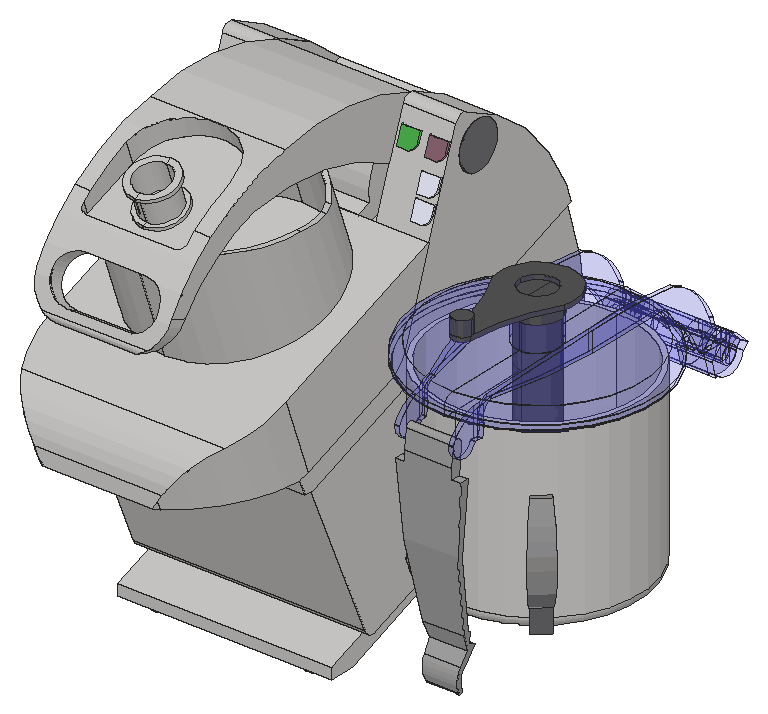
Revit family "QF_ELECTROLUXPROFESSIONAL_600484_TRK45YA", category Specialty Equipment, Revit 2018
Family settings
  Round Connector Dimension = Use Diameter
  Part Type = Normal
  Work Plane-Based = No
  Always vertical = Yes
  Cut with Voids When Loaded = No
  Shared = No
  Room Calculation Point = No
Parameters (values of type "QF_ELECTROLUX_600484_TRK45YA")
  Weight = 27.40 kg
  Watts = 0 W
  Volts = 200 V
  URL Manufacturer = "http://professional.electrolux.com"
  URL = "http://professional.electrolux.com"
  Steam Supply Size = 0 mm
  Steam Supply Minimum Pressure = 0.0 Pa
  Steam Supply Maximum Pressure = 0.0 Pa
  Steam Pounds per Hour = 0
  Refrigeration Suction Line Size = 0 mm
  Refrigeration Liquid Line Size = 0 mm
  Refrigerant Compressor Remote = yes
  Manufacturer = "Electrolux"
  Phase = 1
  Model = "TRK45YA"
  Length Actual = 252 mm  # constant formula
  Item Number = "600484"
  Hot Water Size = 0 mm
  Height Actual = 505 mm  # constant formula
  HP = "1.3 HP"
  Gas Size = 0 mm
  Gas KW = 0
  Gas Input Pressure = 0 W
  Direct Waste Size = 0 mm
  Description = "CUTTER/SLICER 4.5L VARIAB.SPEED-1000W-200-240/1/50-60-AUSTRALIA"
  Depth Actual = 485 mm  # constant formula
  Cycle = 60 Hz
  Condensate Return Size = 0 mm
  Compressed Air Volume = 0.0 L/s
  Compressed Air Size = 0 mm
  Compressed Air Pressure = 0.0 Pa
  Cold Water Size = 0 mm
  Accessory = yes
Reference planes
  plane 1 "Center (Front/Back)": y = 0
  plane 2: z = 0
  plane 3 "Center (Left/Right)": x = 0
  plane 4 "BASE": through (-1506.947, -1354.442, -482.669) normal (0, -0.342, 0.9397)
  plane 5 "TOP": z = 725
  plane 6 "FRONT": y = -250
  plane 7 "BACK": y = 250
  plane 8 "LEFT": x = -126
  plane 9 "RIGHT": x = 126
  plane 10 "BaseSup": through (4267.2, -355.454, 143.983) normal (0, -0.342, 0.9397)
  plane 11 "TopCylinder": z = 505
  plane 12 "panel": through (4267.2, 37.396, 376.789) normal (0, -0.9397, 0.342)
  plane 13 "TAN1": through (4267.2, -242.8, 386.84) normal (0, -0.868, 0.4965)
  plane 14 "cx": x = -4.392
  plane 15: z = 490
  plane 16: z = 685
  plane 17 "EI_1": z = 320
  plane 18: z = 224
  plane 19 "SupportOblique": through (4267.2, 163.975, 96.815) normal (0, 0.809, 0.5878)
  plane 20 "CX2": x = 350
Forms (mm)
  Extrusion 1, solid, material "QF_Finishes_Stainless Steel"
    sketch origin (0, 71.755, 29.173) x (0, 0.939693, 0.34202) y (0, -0.34202, 0.939693)
      loop
        line (196.964, 40) -> (-146.726, 40) -> (-150.519, 29.578) -> (-124.204, 20) -> (196.964, 20) -> (196.964, 40)
    from -114.1 to 114.1
  Extrusion 2, solid, material "QF_Finishes_Stainless Steel"
    sketch origin (0, 71.755, 29.173) x (0, 0.939693, 0.34202) y (0, -0.34202, 0.939693)
      loop
        arc (-117.754, 231.836) -> (-115.679, 141.222) -> (-107.501, 50.953) r 1344.145
        arc (-107.501, 50.953) -> (-103.371, 43.13) -> (-95.098, 40) r 12.5
        line (-95.098, 40) -> (191.415, 40)
        arc (191.415, 40) -> (200.799, 44.052) -> (207.001, 52.177) r 20.212
        arc (207.001, 52.177) -> (236.663, 139.796) -> (245.906, 231.836) r 409.593
        line (245.906, 231.836) -> (-117.754, 231.836)
    from -123.6 to 123.2
  Extrusion 3, solid, material "QF_Finishes_Stainless Steel"
    sketch origin (0, 71.755, 29.173) x (0, 0.939693, 0.34202) y (0, -0.34202, 0.939693)
      loop
        line (-117.754, 231.836) -> (250, 231.836) -> (250, 254)
        arc (250, 254) -> (225.127, 344.7) -> (167.861, 419.303) r 244.524
        arc (167.861, 419.303) -> (160.498, 421.774) -> (153.587, 418.23) r 10
        line (153.587, 418.23) -> (25.432, 265.5)
        arc (25.432, 265.5) -> (14.376, 257.016) -> (0.77, 254) r 32.194
        line (0.77, 254) -> (-128.224, 254) -> (-128.224, 236.946) -> (-117.754, 231.836)
    from -125 to 125
  Extrusion 4, void
    sketch origin (0, 71.755, 29.173) x (0, 0.939693, 0.34202) y (0, -0.34202, 0.939693)
      loop
        line (146.605, 338.403) -> (228.145, 338.403)
        arc (228.145, 338.403) -> (202.221, 381.996) -> (167.861, 419.303) r 244.524
        arc (167.861, 419.303) -> (160.498, 421.774) -> (153.587, 418.23) r 10
        line (153.587, 418.23) -> (72.34, 321.403) -> (146.605, 321.403) -> (146.605, 338.403)
    from -76.755 to 68.071
  Extrusion 5, solid, material "QF_Finishes_Stainless Steel"
    sketch origin (0, 71.755, 29.173) x (0, 0.939693, 0.34202) y (0, -0.34202, 0.939693)
      loop
        line (86.605, 338.403) -> (69.605, 321.403) -> (146.605, 321.403) -> (146.605, 338.403) -> (138.179, 338.403) -> (138.179, 369.367)
        arc (138.179, 369.367) -> (147.784, 373.474) -> (158.149, 372.174) r 19.987
        arc (158.149, 372.174) -> (156.791, 382.001) -> (162.888, 389.826) r 12.748
        arc (162.888, 389.826) -> (123.302, 374.774) -> (101.605, 338.403) r 64.447
        line (101.605, 338.403) -> (86.605, 338.403)
    from -65 to 50
  Extrusion 6, solid, material "QF_Finishes_Stainless Steel"
    sketch origin (539, 71.755, 29.173) x (0, -0.939693, -0.34202) y (0, -0.34202, 0.939693)
      loop
        circle (-169.102, 378.696) r 12.748
    from 489 to 604
  Extrusion 7, solid, material "QF_Finishes_Rubber Black"
    sketch origin (0, 71.755, 29.173) x (0, 0.939693, 0.34202) y (0, -0.34202, 0.939693)
      loop
        circle (169.102, 378.696) r 25
    from 125 to 126.6
  Extrusion 8, solid, material "QF_Finishes_Green"
    sketch origin (-10, -113.728, -38.42) x (0, -0.34202, -0.939693) y (1, 0, 0)
      loop
        line (-529.862, 82.865) -> (-509.862, 82.865) -> (-509.862, 92.865)
        arc (-509.862, 92.865) -> (-512.791, 99.936) -> (-519.862, 102.865) r 10
        line (-519.862, 102.865) -> (-529.862, 102.865) -> (-529.862, 82.865)
    from 0 to 1.6
  Extrusion 9, solid, material "QF_Finishes_Red"
    sketch origin (20, -113.728, -38.42) x (0, -0.34202, -0.939693) y (1, 0, 0)
      loop
        line (-529.862, 82.865) -> (-509.862, 82.865) -> (-509.862, 92.865)
        arc (-509.862, 92.865) -> (-512.791, 99.936) -> (-519.862, 102.865) r 10
        line (-519.862, 102.865) -> (-529.862, 102.865) -> (-529.862, 82.865)
    from 0 to 1.6
  Extrusion 10, solid, material "QF_Finishes_Rubber Black"
    sketch origin (-20, -293.925, 99.376) x (0, -1, 0) y (1, 0, 0)
      loop
        circle (-230.144, 103.748) r 10
      loop
        circle (-230.144, -61.252) r 10
    from 9.274 to 3.787
  Extrusion 11, void
    sketch origin (-20.94, 306.731, 139.428) x (-1, 0, 0) y (0, -0.34202, 0.939693)
      loop
        circle (-20.94, 196.093) r 10
    from -1.916 to -26.433
  Extrusion 12, solid, material "QF_Finishes_Stainless Steel"
    sketch origin (-20.94, 306.678, 139.573) x (-1, 0, 0) y (0, -0.34202, 0.939693)
      loop
        circle (-20.94, 195.939) r 9.999
    from -8.514 to -26.433
  Extrusion 13, solid, material "QF_Finishes_Stainless Steel"
    sketch origin (0, -15.119, 267.855) x (0, -0.939693, -0.34202) y (1, 0, 0)
      loop
        line (-86.605, -125) -> (117.754, -125)
        arc (117.754, -125) -> (182.577, -108.838) -> (232.224, -64.135) r 138.076
        arc (232.224, -64.135) -> (246.337, -33.516) -> (250, 0) r 104.824
        arc (250, 0) -> (246.337, 33.516) -> (232.224, 64.135) r 104.824
        arc (232.224, 64.135) -> (182.577, 108.838) -> (117.754, 125) r 138.076
        line (117.754, 125) -> (-86.605, 125) -> (-86.605, -125)
    from 0 to 84.403
  Extrusion 14, void
    sketch origin (0, 71.755, 29.173) x (0, 0.939693, 0.34202) y (0, -0.34202, 0.939693)
      loop
        line (-183.149, 338.403) -> (-263.395, 338.403) -> (-263.395, 254) -> (-128.224, 254) -> (-235.716, 293.124) -> (-229.509, 307.133)
        arc (-229.509, 307.133) -> (-211.109, 329.855) -> (-183.149, 338.403) r 50
      loop
        line (86.605, 338.403) -> (25.432, 265.5)
        arc (25.432, 265.5) -> (14.376, 257.016) -> (0.77, 254) r 32.194
        line (0.77, 254) -> (86.605, 254) -> (86.605, 338.403)
    from -156.555 to 144.79
  Extrusion 15, solid, material "QF_Finishes_Rubber Black"
    sketch origin (-20, -255.757, 37.007) x (0, -0.939693, -0.34202) y (1, 0, 0)
      loop
        circle (-230.144, 103.748) r 10
      loop
        circle (-230.144, -61.252) r 10
    from -1.968 to 3.787
  Extrusion 16, solid, material "QF_Finishes_Stainless Steel"
    sketch origin (0, 0, 0) x (0, 1, 0) y (0, 0, 1)
      loop
        arc (-237.987, 360.286) -> (-193.334, 422.101) -> (-125.907, 457.716) r 167.502
        arc (-125.907, 457.716) -> (-32.614, 457.202) -> (54.785, 424.565) r 266.494
        line (54.785, 424.565) -> (73.036, 474.711)
        arc (73.036, 474.711) -> (77.269, 479.853) -> (83.792, 481.198) r 10
        arc (83.792, 481.198) -> (1.801, 503.572) -> (-83.051, 498.734) r 263.981
        arc (-83.051, 498.734) -> (-135.605, 484.534) -> (-183.511, 458.675) r 236.13
        arc (-183.511, 458.675) -> (-222.818, 420.732) -> (-248.457, 372.49) r 174.407
        arc (-248.457, 372.49) -> (-249.83, 368.135) -> (-247.05, 364.513) r 4.945
        line (-247.05, 364.513) -> (-237.987, 360.286)
    from -76.755 to 68.071
  Extrusion 17, void
    sketch origin (0, -252.846, 369.279) x (0, -0.496521, -0.868025) y (1, 0, 0)
      loop
        line (-13.723, -36.755) -> (-13.723, 28.071)
        arc (-13.723, 28.071) -> (-38.723, 53.071) -> (-63.723, 28.071) r 25
        line (-63.723, 28.071) -> (-63.723, -36.755)
        arc (-63.723, -36.755) -> (-38.723, -61.755) -> (-13.723, -36.755) r 25
    from -148.493 to 7.125
  Extrusion 18, void
    sketch origin (0, -88.076, 32.057) x (0, -0.34202, -0.939693) y (1, 0, 0)
      loop
        line (-257.162, 68.071) -> (-297.162, 68.071)
        arc (-297.162, 68.071) -> (-268.878, 56.356) -> (-257.162, 28.071) r 40
        line (-257.162, 28.071) -> (-257.162, 68.071)
      loop
        line (-257.162, -76.755) -> (-257.162, -36.755)
        arc (-257.162, -36.755) -> (-268.878, -65.039) -> (-297.162, -76.755) r 40
        line (-297.162, -76.755) -> (-257.162, -76.755)
    from 233.374 to 280.473
  Extrusion 19, void
    sketch origin (0, -73.76, 246.511) x (0, -0.939693, -0.34202) y (1, 0, 0)
      loop
        spline (50.415, 43.499) -> (50.302, 44.538) -> (50.07, 45.551) -> (49.722, 46.523) -> (49.265, 47.436) -> (48.705, 48.278) -> (48.053, 49.034) -> (47.317, 49.692) -> (46.511, 50.241) -> (45.647, 50.674) -> (44.738, 50.981) -> (43.801, 51.16) -> (42.848, 51.221)
        line (42.848, 51.221) -> (-21.826, 51.221)
        arc (-21.826, 51.221) -> (-77.476, -4.429) -> (-21.826, -60.078) r 55.65
        line (-21.826, -60.078) -> (42.849, -60.064)
        spline (42.849, -60.064) -> (43.796, -60.017) -> (44.73, -59.836) -> (45.637, -59.525) -> (46.5, -59.088) -> (47.306, -58.532) -> (48.042, -57.867) -> (48.695, -57.103) -> (49.256, -56.253) -> (49.715, -55.331) -> (50.065, -54.351) -> (50.3, -53.329) -> (50.415, -52.283)
        line (50.415, -52.283) -> (50.415, 43.499)
    from 219.928 to 259.975
  Extrusion 20, void
    sketch origin (0, -87.856, 241.381) x (0, -0.939693, -0.34202) y (1, 0, 0)
      loop
        circle (-4.976, -4.429) r 22.5
    from 184.171 to 259.975
  Extrusion 21, solid, material "QF_Finishes_Stainless Steel"
    sketch origin (0, -57.13, 252.564) x (0, -0.939693, -0.34202) y (1, 0, 0)
      loop
        circle (-27.476, -4.429) r 100
      loop
        circle (-27.476, -4.429) r 95
    from 84.403 to 219.928
  Extrusion 22, void
    sketch origin (539, 0, 0) x (0, -1, 0) y (0, 0, 1)
      loop
        line (-7.229, 448.453) -> (38.883, 431.669) -> (53.883, 431.669) -> (97.232, 435.738) -> (172.232, 435.738) -> (200.5, 434.424) -> (12.562, 502.828) -> (-7.229, 448.453)
    from 424.9 to 664
  Revolve 23, solid, material "QF_Finishes_Stainless Steel"
    sketch origin (-4.392, 0, 0) x (0, 1, 0) y (0, 0, 1)
      loop
        line (-159.523, 452.833) -> (-177.266, 446.376) -> (-188.766, 477.973) -> (-195.199, 475.631) -> (-193.959, 472.225) -> (-189.261, 473.935) -> (-179, 445.744) -> (-183.698, 444.034) -> (-182.575, 440.948) -> (-179.543, 442.052) -> (-133.191, 314.7) -> (-112.048, 322.396) -> (-159.523, 452.833)
      axis (-112.048, 322.396) -> (-171.023, 484.431)
    angle from 0 to 360
  Extrusion 24, solid, material "QF_Door-Drawer Clearances", detail levels coarse
    sketch origin (0, -262.072, 735.095) x (0, -0.581279, -0.813704) y (0, 0.813704, -0.581279)
      loop
        arc (-237.987, 360.286) -> (-193.334, 422.101) -> (-125.907, 457.716) r 167.502
        arc (-125.907, 457.716) -> (-61.925, 460.915) -> (0.971, 448.753) r 266.494
        arc (0.971, 448.753) -> (-2.208, 475.472) -> (-2.432, 502.379) r 244.524
        arc (-2.432, 502.379) -> (-31.549, 503.211) -> (-60.594, 500.999) r 278.64
        arc (-60.594, 500.999) -> (-125.023, 488.463) -> (-183.511, 458.675) r 236.13
        arc (-183.511, 458.675) -> (-222.818, 420.732) -> (-248.457, 372.49) r 174.407
        arc (-248.457, 372.49) -> (-249.83, 368.135) -> (-247.05, 364.513) r 4.945
        line (-247.05, 364.513) -> (-237.987, 360.286)
    from -76.755 to 68.071
  Extrusion 25, solid, material "QF_Door-Drawer Clearances", detail levels coarse
    sketch origin (-4.392, 0, -55) x (0, 1, 0) y (0, 0, 1)
      loop
        arc (180.062, 780.324) -> (-149.234, 694.151) -> (-249.905, 368.994) r 350.321
        line (-249.905, 368.994) -> (-246.546, 377.767)
        arc (-246.546, 377.767) -> (-144.345, 691.9) -> (174.993, 776.44) r 345.321
        line (174.993, 776.44) -> (180.062, 780.324)
    from -60 to 60
  Extrusion 26, solid, material "QF_Finishes_Rubber Black"
    sketch origin (-20, -20.834, 122.512) x (0, -0.939693, -0.34202) y (1, 0, 0)
      loop
        circle (-230.144, 103.748) r 10
      loop
        circle (-230.144, -61.252) r 10
    from -1.968 to 3.787
  Extrusion 27, void
    sketch origin (-4.392, 0, 0) x (0, 1, 0) y (0, 0, 1)
      loop
        circle (163.975, 96.815) r 5.399
    from -121.608 to 130.392
  Sweep 28, solid, material "QF_Finishes_Stainless Steel"
    path origin (0, 153.361, 111.423) x (0, -0.587785, 0.809017) y (1, 0, 0)
      loop
        line (-133.401, 56) -> (-133.401, 112.5)
        arc (-133.401, 112.5) -> (-130.472, 119.571) -> (-123.401, 122.5) r 10
        line (-123.401, 122.5) -> (-28.058, 122.5)
        arc (-28.058, 122.5) -> (-20.987, 119.571) -> (-18.058, 112.5) r 10
        line (-18.058, 112.5) -> (-18.058, -112.5)
        arc (-18.058, -112.5) -> (-20.987, -119.571) -> (-28.058, -122.5) r 10
        line (-28.058, -122.5) -> (-123.401, -122.5)
        arc (-123.401, -122.5) -> (-130.472, -119.571) -> (-133.401, -112.5) r 10
        line (-133.401, -112.5) -> (-133.401, -56)
    profile origin (84.25, 231.772, 3.5) x (0, 0.587785, -0.809017) y (0, 0.809017, 0.587785)
      loop
        circle (0, 0) r 3.5
  Extrusion 29, void
    sketch origin (-4.392, 0, 0) x (0, 1, 0) y (0, 0, 1)
      loop
        line (50.281, 42.641) -> (71.708, 50.44) -> (64.376, 57.771) -> (50.281, 52.641) -> (50.281, 42.641)
    from -119.208 to -51.608
  Extrusion 30, void
    sketch origin (4.392, 0, 0) x (0, 1, 0) y (0, 0, -1)
      loop
        line (50.281, -42.641) -> (50.281, -52.641) -> (64.376, -57.771) -> (71.708, -50.44) -> (50.281, -42.641)
    from -119.208 to -51.608
  Extrusion 31, solid, material "QF_Door-Drawer Clearances", detail levels coarse
    sketch origin (350, -160.4, -17.118) x (0, -0.34202, -0.939693) y (0, -0.939693, 0.34202)
      loop
        line (-206.754, 118.191) -> (-331.133, -223.538)
        arc (-331.133, -223.538) -> (-241.482, -246.331) -> (-149.003, -248.426) r 409.593
        arc (-149.003, -248.426) -> (-139.246, -245.378) -> (-132.229, -237.945) r 20.212
        line (-132.229, -237.945) -> (-34.236, 31.289)
        arc (-34.236, 31.289) -> (-34.347, 40.134) -> (-40.286, 46.691) r 12.5
        arc (-40.286, 46.691) -> (-122.314, 85.249) -> (-206.754, 118.191) r 1344.145
    from -123.6 to 123.2
  Extrusion 32, solid, material "QF_Door-Drawer Clearances", detail levels coarse
    sketch origin (350, -160.4, -17.118) x (0, -0.34202, -0.939693) y (0, -0.939693, 0.34202)
      loop
        line (-134.127, -243.16) -> (-115.333, -250) -> (-5.487, 51.799) -> (-5.487, 79.803) -> (-16.578, 79.803) -> (-134.127, -243.16)
    from -114.1 to 114.1
  Extrusion 33, solid, material "QF_Door-Drawer Clearances", detail levels coarse
    sketch origin (330, -388.076, 105.131) x (0, -1, 0) y (1, 0, 0)
      loop
        circle (-230.144, 103.748) r 10
      loop
        circle (-230.144, -61.252) r 10
    from -1.968 to 3.787
  Extrusion 34, solid, material "QF_Door-Drawer Clearances", detail levels coarse
    sketch origin (330, -138.076, 105.131) x (0, -1, 0) y (1, 0, 0)
      loop
        circle (-230.144, 103.748) r 10
      loop
        circle (-230.144, -61.252) r 10
    from -1.968 to 3.787
  Extrusion 35, solid, material "QF_Door-Drawer Clearances", detail levels coarse
    sketch origin (0, 250, 0) x (-1, 0, 0) y (0, 0, 1)
      loop
        circle (-350, 200) r 10
    from -89.12 to -78.665
  Extrusion 36, solid, material "QF_Finishes_White"
    sketch origin (20, -124.661, -68.457) x (0, -0.34202, -0.939693) y (1, 0, 0)
      loop
        line (-529.862, 82.865) -> (-509.862, 82.865) -> (-509.862, 92.865)
        arc (-509.862, 92.865) -> (-512.791, 99.936) -> (-519.862, 102.865) r 10
        line (-519.862, 102.865) -> (-529.862, 102.865) -> (-529.862, 82.865)
    from 0 to 1.6
  Extrusion 37, solid, material "QF_Finishes_White"
    sketch origin (20, -132.869, -91.01) x (0, -0.34202, -0.939693) y (1, 0, 0)
      loop
        line (-529.862, 82.865) -> (-509.862, 82.865) -> (-509.862, 92.865)
        arc (-509.862, 92.865) -> (-512.791, 99.936) -> (-519.862, 102.865) r 10
        line (-519.862, 102.865) -> (-529.862, 102.865) -> (-529.862, 82.865)
    from 0 to 1.6
Cuts and joins
  Extrusion 4, Extrusion 18, Extrusion 19, Extrusion 20 cuts Extrusion 3
  Extrusion 14, Extrusion 18, Extrusion 19, Extrusion 20 cuts Extrusion 13
  Extrusion 17, Extrusion 18, Extrusion 19, Extrusion 20 cuts Extrusion 16
  Extrusion 11, Extrusion 19, Extrusion 20 cuts Extrusion 2
  Extrusion 22 cuts Extrusion 21
  Extrusion 27, Extrusion 29, Extrusion 30 cuts Extrusion 1
Lines and regions (mm)
  Split face 1
    outline origin (125, 73.036, 474.711) x (-1, 0, 0) y (0, -0.34202, -0.939693)
      loop
        arc (0, 8) -> (1.464, 4.464) -> (5, 3) r 5
        line (5, 3) -> (51.929, 3)
        arc (51.929, 3) -> (55.464, 4.464) -> (56.929, 8) r 5
        line (56.929, 8) -> (56.929, 96.206)
        arc (56.929, 96.206) -> (55.464, 99.742) -> (51.929, 101.206) r 5
        line (51.929, 101.206) -> (5, 101.206)
        arc (5, 101.206) -> (1.464, 99.742) -> (0, 96.206) r 5
        line (0, 96.206) -> (0, 8)
  symbolic lines
    curve 1: line (-76.755, 170.4, 0) -> (-76.755, -235.217, 0)
    curve 2: line (68.071, -235.135, 0) -> (68.071, 170.4, 0)
    curve 3: line (-76.755, 83.792, 0) -> (68.071, 83.792, 0)
    curve 4: line (-76.755, 170.4, 0) -> (68.071, 170.4, 0)
    curve 5: line (68.071, -83.051, 0) -> (-76.755, -83.051, 0)
    curve 6: line (-60.078, -136.967, 0) -> (51.221, -136.967, 0)
    curve 7: line (-60.078, -128.47, 0) -> (-60.078, -194.06, 0)
    curve 8: line (51.221, -193.76, 0) -> (51.221, -128.47, 0)
    curve 9: spline (-52.282, -199.891, 0) -> (-53.276, -199.815, 0) -> (-54.25, -199.647, 0) -> (-55.19, -199.39, 0) -> (-56.081, -199.046, 0) -> (-56.909, -198.622, 0) -> (-57.663, -198.124, 0) -> (-58.331, -197.559, 0) -> (-58.902, -196.936, 0) -> (-59.369, -196.264, 0) -> (-59.724, -195.553, 0) -> (-59.961, -194.815, 0) -> (-60.078, -194.06, 0)
    curve 10: line (43.499, -199.901, 0) -> (-52.283, -199.901, 0)
    curve 11: spline (51.218, -193.76, 0) -> (51.156, -194.554, 0) -> (50.964, -195.333, 0) -> (50.645, -196.085, 0) -> (50.204, -196.798, 0) -> (49.648, -197.459, 0) -> (48.986, -198.058, 0) -> (48.229, -198.586, 0) -> (47.39, -199.033, 0) -> (46.483, -199.392, 0) -> (45.521, -199.658, 0) -> (44.521, -199.826, 0) -> (43.499, -199.893, 0)
    curve 12: spline (-4.392, -146.848, 0) -> (-11.05, -147.672, 0) -> (-17.255, -150.087, 0) -> (-22.583, -153.929, 0) -> (-26.672, -158.936, 0) -> (-29.242, -164.766, 0) -> (-30.119, -171.023, 0) -> (-29.242, -177.28, 0) -> (-26.672, -183.111, 0) -> (-22.583, -188.118, 0) -> (-17.255, -191.96, 0) -> (-11.05, -194.375, 0) -> (-4.392, -195.199, 0)
    curve 13: spline (-4.392, -195.199, 0) -> (2.267, -194.375, 0) -> (8.472, -191.96, 0) -> (13.8, -188.118, 0) -> (17.888, -183.111, 0) -> (20.459, -177.28, 0) -> (21.335, -171.023, 0) -> (20.459, -164.766, 0) -> (17.888, -158.936, 0) -> (13.8, -153.929, 0) -> (8.472, -150.087, 0) -> (2.267, -147.672, 0) -> (-4.392, -146.848, 0)
    curve 14: spline (-4.392, -188.766, 0) -> (-9.279, -188.162, 0) -> (-13.832, -186.389, 0) -> (-17.743, -183.569, 0) -> (-20.744, -179.895, 0) -> (-22.63, -175.616, 0) -> (-23.273, -171.023, 0) -> (-22.63, -166.431, 0) -> (-20.744, -162.152, 0) -> (-17.743, -158.477, 0) -> (-13.832, -155.658, 0) -> (-9.279, -153.885, 0) -> (-4.392, -153.281, 0)
    curve 15: spline (-4.392, -153.281, 0) -> (0.495, -153.885, 0) -> (5.049, -155.658, 0) -> (8.96, -158.477, 0) -> (11.96, -162.152, 0) -> (13.846, -166.431, 0) -> (14.49, -171.023, 0) -> (13.846, -175.616, 0) -> (11.96, -179.895, 0) -> (8.96, -183.569, 0) -> (5.049, -186.389, 0) -> (0.495, -188.162, 0) -> (-4.392, -188.766, 0)
    curve 16: spline (-22.254, -165.273, 0) -> (-20.617, -168.597, 0) -> (-18.289, -171.534, 0) -> (-15.368, -173.96, 0) -> (-11.98, -175.77, 0) -> (-8.268, -176.888, 0) -> (-4.392, -177.266, 0) -> (-0.515, -176.888, 0) -> (3.197, -175.77, 0) -> (6.585, -173.96, 0) -> (9.505, -171.534, 0) -> (11.834, -168.597, 0) -> (13.471, -165.273, 0)
    curve 17: spline (21.106, -162.743, 0) -> (21.02, -155.749, 0) -> (18.807, -149.071, 0) -> (14.651, -143.268, 0) -> (8.902, -138.825, 0) -> (2.04, -136.115, 0) -> (-5.361, -135.365, 0) -> (-12.68, -136.637, 0) -> (-19.306, -139.824, 0) -> (-24.683, -144.661, 0) -> (-28.361, -150.742, 0) -> (-30.034, -157.558, 0) -> (-29.559, -164.538, 0)
    curve 18: spline (15.591, -154.349, 0) -> (13.851, -150.277, 0) -> (11.185, -146.674, 0) -> (7.729, -143.723, 0) -> (3.657, -141.574, 0) -> (-0.824, -140.337, 0) -> (-5.485, -140.073, 0) -> (-10.091, -140.797, 0) -> (-14.408, -142.471, 0) -> (-18.216, -145.011, 0) -> (-21.322, -148.287, 0) -> (-23.569, -152.134, 0) -> (-24.843, -156.356, 0)
    curve 19: line (-36.755, -245.358, 0) -> (-36.755, -220.255, 0)
    curve 20: line (28.071, -220.255, 0) -> (28.071, -245.358, 0)
    curve 21: line (-36.755, -220.255, 0) -> (28.071, -220.255, 0)
    curve 22: line (-36.755, -231.961, 0) -> (28.071, -231.961, 0)
    curve 23: line (28.071, -245.358, 0) -> (-36.755, -245.358, 0)
    curve 24: arc (-36.755, -231.961, 0) -> (-47.346, -230.66, 0) -> (-57.309, -226.836, 0) r 43.78
    curve 25: arc (28.071, -231.961, 0) -> (38.611, -230.648, 0) -> (48.525, -226.836, 0) r 43.78
    curve 26: line (108.532, -216.09, 0) -> (68.016, -248.959, 0)
    curve 27: spline (108.532, -216.09, 0) -> (111.117, -211.341, 0) -> (113.492, -206.496, 0) -> (115.654, -201.564, 0) -> (117.598, -196.552, 0) -> (119.32, -191.469, 0) -> (120.82, -186.324, 0) -> (122.092, -181.125, 0) -> (123.137, -175.882, 0) -> (123.951, -170.603, 0) -> (124.533, -165.296, 0) -> (124.883, -159.972, 0) -> (125, -154.639, 0)
    curve 28: line (125, -154.639, 0) -> (125, 227.385, 0)
    curve 29: spline (63.971, -249.433, 0) -> (63.542, -249.481, 0) -> (63.11, -249.529, 0) -> (62.674, -249.577, 0) -> (62.235, -249.624, 0) -> (61.792, -249.672, 0) -> (61.346, -249.719, 0) -> (60.896, -249.766, 0) -> (60.442, -249.813, 0) -> (59.985, -249.86, 0) -> (59.525, -249.907, 0) -> (59.06, -249.954, 0) -> (58.593, -250, 0)
    curve 30: spline (68.016, -248.959, 0) -> (67.688, -248.999, 0) -> (67.358, -249.038, 0) -> (67.026, -249.078, 0) -> (66.693, -249.118, 0) -> (66.359, -249.157, 0) -> (66.022, -249.197, 0) -> (65.684, -249.236, 0) -> (65.345, -249.276, 0) -> (65.004, -249.315, 0) -> (64.661, -249.354, 0) -> (64.317, -249.394, 0) -> (63.971, -249.433, 0)
    curve 31: line (-68.016, -248.959, 0) -> (68.016, -248.959, 0)
    curve 32: line (-68.016, -248.959, 0) -> (-108.532, -216.09, 0)
    curve 33: spline (-63.971, -249.433, 0) -> (-64.317, -249.394, 0) -> (-64.661, -249.354, 0) -> (-65.004, -249.315, 0) -> (-65.345, -249.276, 0) -> (-65.684, -249.236, 0) -> (-66.022, -249.197, 0) -> (-66.359, -249.157, 0) -> (-66.693, -249.118, 0) -> (-67.026, -249.078, 0) -> (-67.358, -249.038, 0) -> (-67.688, -248.999, 0) -> (-68.016, -248.959, 0)
    curve 34: spline (-58.593, -250, 0) -> (-59.06, -249.954, 0) -> (-59.525, -249.907, 0) -> (-59.985, -249.86, 0) -> (-60.442, -249.813, 0) -> (-60.896, -249.766, 0) -> (-61.346, -249.719, 0) -> (-61.792, -249.672, 0) -> (-62.235, -249.624, 0) -> (-62.674, -249.577, 0) -> (-63.11, -249.529, 0) -> (-63.542, -249.481, 0) -> (-63.971, -249.433, 0)
    curve 35: line (-76.755, -235.217, 0) -> (-60.604, -248.457, 0)
    curve 36: spline (-125, -154.639, 0) -> (-124.883, -159.972, 0) -> (-124.533, -165.296, 0) -> (-123.951, -170.603, 0) -> (-123.137, -175.882, 0) -> (-122.092, -181.125, 0) -> (-120.82, -186.324, 0) -> (-119.32, -191.469, 0) -> (-117.598, -196.552, 0) -> (-115.654, -201.564, 0) -> (-113.492, -206.496, 0) -> (-111.117, -211.341, 0) -> (-108.532, -216.09, 0)
    curve 37: line (-125, 227.385, 0) -> (-125, -154.639, 0)
    curve 38: arc (-76.755, -160.023, 0) -> (-93.256, -130.498, 0) -> (-99.37, -97.232, 0) r 103.622
    curve 39: arc (-76.755, -168.026, 0) -> (-96.901, -135.101, 0) -> (-104.377, -97.232, 0) r 109.55
    curve 40: spline (-99.395, -97.232, 0) -> (-99.428, -93.546, 0) -> (-99.341, -89.86, 0) -> (-99.135, -86.178, 0) -> (-98.81, -82.506, 0) -> (-98.367, -78.845, 0) -> (-97.806, -75.201, 0) -> (-97.127, -71.576, 0) -> (-96.331, -67.976, 0) -> (-95.419, -64.402, 0) -> (-94.392, -60.86, 0) -> (-93.251, -57.352, 0) -> (-91.998, -53.883, 0)
    curve 41: arc (-91.998, -53.883, 0) -> (-88.614, -46.234, 0) -> (-84.624, -38.883, 0) r 103.541
    curve 42: spline (-84.624, -38.883, 0) -> (-84.026, -38.009, 0) -> (-83.417, -37.142, 0) -> (-82.798, -36.282, 0) -> (-82.167, -35.428, 0) -> (-81.527, -34.582, 0) -> (-80.876, -33.742, 0) -> (-80.214, -32.91, 0) -> (-79.543, -32.085, 0) -> (-78.861, -31.267, 0) -> (-78.169, -30.457, 0) -> (-77.467, -29.655, 0) -> (-76.755, -28.86, 0)
    curve 43: spline (-90.488, -38.883, 0) -> (-89.506, -37.356, 0) -> (-88.492, -35.846, 0) -> (-87.448, -34.355, 0) -> (-86.375, -32.883, 0) -> (-85.271, -31.43, 0) -> (-84.139, -29.997, 0) -> (-82.978, -28.585, 0) -> (-81.788, -27.193, 0) -> (-80.571, -25.823, 0) -> (-79.326, -24.476, 0) -> (-78.054, -23.15, 0) -> (-76.755, -21.847, 0)
    curve 44: arc (-97.398, -53.883, 0) -> (-94.227, -46.252, 0) -> (-90.488, -38.883, 0) r 109.406
    curve 45: spline (-104.397, -97.232, 0) -> (-104.428, -93.553, 0) -> (-104.346, -89.875, 0) -> (-104.151, -86.201, 0) -> (-103.844, -82.535, 0) -> (-103.425, -78.879, 0) -> (-102.894, -75.238, 0) -> (-102.252, -71.615, 0) -> (-101.499, -68.013, 0) -> (-100.637, -64.435, 0) -> (-99.665, -60.886, 0) -> (-98.585, -57.367, 0) -> (-97.398, -53.883, 0)
    curve 46: spline (-104.429, -60.179, 0) -> (-104.227, -54.213, 0) -> (-103.623, -48.272, 0) -> (-102.618, -42.379, 0) -> (-101.218, -36.558, 0) -> (-99.427, -30.832, 0) -> (-97.253, -25.224, 0) -> (-94.704, -19.758, 0) -> (-91.791, -14.454, 0) -> (-88.526, -9.335, 0) -> (-84.922, -4.421, 0) -> (-80.993, 0.268, 0) -> (-76.755, 4.714, 0)
    curve 47: line (-104.429, -60.179, 0) -> (-104.429, -91.125, 0)
    curve 48: line (-125, 37.396, 0) -> (-76.755, 37.396, 0)
    curve 49: line (-125, 227.385, 0) -> (125, 227.385, 0)
    curve 50: line (-125, 219.805, 0) -> (125, 219.805, 0)
    curve 51: line (-65, 113.885, 0) -> (50, 113.885, 0)
    curve 52: line (50, 113.885, 0) -> (50, 83.792, 0)
    curve 53: line (-65, 113.885, 0) -> (-65, 83.792, 0)
    curve 54: line (-65, 91.491, 0) -> (50, 91.491, 0)
    curve 55: line (50, 93.777, 0) -> (68.071, 93.777, 0)
    curve 56: line (-65, 93.777, 0) -> (-76.755, 93.777, 0)
    curve 57: line (72.865, 68.37, 0) -> (92.865, 68.37, 0)
    curve 58: line (72.865, 60.026, 0) -> (72.865, 68.37, 0)
    curve 59: line (82.865, 60.026, 0) -> (72.865, 60.026, 0)
    curve 60: line (92.865, 68.37, 0) -> (92.865, 63.446, 0)
    curve 61: line (-123.6, 250, 0) -> (123.2, 250, 0)
    curve 62: line (123.2, 227.385, 0) -> (123.2, 250, 0)
    curve 63: line (-123.6, 227.385, 0) -> (-123.6, 250, 0)
    curve 64: line (68.071, 37.396, 0) -> (125, 37.396, 0)
    curve 65: line (68.071, -235.135, 0) -> (51.82, -248.457, 0)
    curve 66: arc (68.071, -159.898, 0) -> (84.5, -130.423, 0) -> (90.587, -97.232, 0) r 103.622
    curve 67: arc (68.071, -167.913, 0) -> (88.145, -135.031, 0) -> (95.593, -97.232, 0) r 109.55
    curve 68: spline (90.612, -97.232, 0) -> (90.644, -93.546, 0) -> (90.558, -89.86, 0) -> (90.352, -86.178, 0) -> (90.027, -82.506, 0) -> (89.584, -78.845, 0) -> (89.022, -75.201, 0) -> (88.343, -71.576, 0) -> (87.547, -67.976, 0) -> (86.636, -64.402, 0) -> (85.609, -60.86, 0) -> (84.468, -57.352, 0) -> (83.214, -53.883, 0)
    curve 69: arc (83.214, -53.883, 0) -> (79.831, -46.234, 0) -> (75.841, -38.883, 0) r 103.541
    curve 70: spline (75.841, -38.883, 0) -> (75.25, -38.019, 0) -> (74.648, -37.162, 0) -> (74.036, -36.312, 0) -> (73.414, -35.468, 0) -> (72.781, -34.631, 0) -> (72.138, -33.801, 0) -> (71.485, -32.977, 0) -> (70.822, -32.161, 0) -> (70.149, -31.353, 0) -> (69.466, -30.551, 0) -> (68.774, -29.757, 0) -> (68.071, -28.97, 0)
    curve 71: spline (81.705, -38.883, 0) -> (80.729, -37.365, 0) -> (79.722, -35.865, 0) -> (78.685, -34.383, 0) -> (77.619, -32.92, 0) -> (76.523, -31.476, 0) -> (75.399, -30.051, 0) -> (74.246, -28.647, 0) -> (73.066, -27.263, 0) -> (71.857, -25.901, 0) -> (70.622, -24.56, 0) -> (69.36, -23.242, 0) -> (68.071, -21.946, 0)
    curve 72: arc (88.615, -53.883, 0) -> (85.443, -46.252, 0) -> (81.705, -38.883, 0) r 109.406
    curve 73: spline (95.614, -97.232, 0) -> (95.644, -93.553, 0) -> (95.562, -89.875, 0) -> (95.368, -86.201, 0) -> (95.061, -82.535, 0) -> (94.641, -78.879, 0) -> (94.111, -75.238, 0) -> (93.469, -71.615, 0) -> (92.716, -68.013, 0) -> (91.853, -64.435, 0) -> (90.882, -60.886, 0) -> (89.802, -57.367, 0) -> (88.615, -53.883, 0)
    curve 74: spline (95.645, -60.179, 0) -> (95.444, -54.225, 0) -> (94.842, -48.295, 0) -> (93.842, -42.413, 0) -> (92.446, -36.602, 0) -> (90.662, -30.886, 0) -> (88.496, -25.287, 0) -> (85.957, -19.829, 0) -> (83.055, -14.533, 0) -> (79.802, -9.421, 0) -> (76.21, -4.512, 0) -> (72.295, 0.173, 0) -> (68.071, 4.615, 0)
    curve 75: line (95.645, -60.179, 0) -> (95.645, -91.125, 0)
    curve 76: arc (82.865, 60.026, 0) -> (86.108, 60.224, 0) -> (89.302, 60.816, 0) r 26.611
    curve 77: arc (89.302, 60.816, 0) -> (91.344, 61.778, 0) -> (92.865, 63.446, 0) r 5.801
    curve 78: line (102.865, 68.37, 0) -> (122.865, 68.37, 0)
    curve 79: line (102.865, 60.026, 0) -> (102.865, 68.37, 0)
    curve 80: line (112.865, 60.026, 0) -> (102.865, 60.026, 0)
    curve 81: line (122.865, 68.37, 0) -> (122.865, 63.446, 0)
    curve 82: arc (112.865, 60.026, 0) -> (116.108, 60.224, 0) -> (119.302, 60.816, 0) r 26.611
    curve 83: arc (119.302, 60.816, 0) -> (121.344, 61.778, 0) -> (122.865, 63.446, 0) r 5.801
    curve 84: line (102.865, 57.437, 0) -> (122.865, 57.437, 0)
    curve 85: line (102.865, 49.093, 0) -> (102.865, 57.437, 0)
    curve 86: line (112.865, 49.093, 0) -> (102.865, 49.093, 0)
    curve 87: line (122.865, 57.437, 0) -> (122.865, 52.513, 0)
    curve 88: arc (112.865, 49.093, 0) -> (116.108, 49.291, 0) -> (119.302, 49.884, 0) r 26.611
    curve 89: arc (119.302, 49.884, 0) -> (121.344, 50.845, 0) -> (122.865, 52.513, 0) r 5.801
    curve 90: line (102.865, 47.725, 0) -> (122.865, 47.725, 0)
    curve 91: line (102.865, 39.381, 0) -> (102.865, 47.725, 0)
    curve 92: line (112.865, 39.381, 0) -> (102.865, 39.381, 0)
    curve 93: line (122.865, 47.725, 0) -> (122.865, 42.801, 0)
    curve 94: arc (112.865, 39.381, 0) -> (116.108, 39.579, 0) -> (119.302, 40.172, 0) r 26.611
    curve 95: arc (119.302, 40.172, 0) -> (121.344, 41.133, 0) -> (122.865, 42.801, 0) r 5.801
Dimensions and locks
  plane 5 "TOP" to level = 725 mm  (x2)
  plane 8 "LEFT" to plane 3 "Center (Left/Right)" to plane 9 "RIGHT" = 126 mm, 126 mm
  plane 7 "BACK" to plane 1 "Center (Front/Back)" to plane 6 "FRONT" = 250 mm, 250 mm
  plane 5 "TOP" to plane 2 = 725 mm
  plane 5 "TOP" to plane 11 "TopCylinder" = 220 mm
  plane 6 "FRONT" to plane 7 "BACK" = 500 mm
  plane 7 "BACK" to plane 6 "FRONT" = 500 mm
  plane 11 "TopCylinder" to level = 505 mm  (x2)
  plane 15 to level = 490 mm  (x2)
  plane 16 to level = 685 mm
  plane 17 "EI_1" to level = 320 mm
  plane 18 to level = 224 mm
  plane 16 to plane 2 = 685 mm
  plane 9 "RIGHT" to plane 8 "LEFT" = 252 mm
  aligned and locked: level to plane 2
Nested families
  nested 1: "QF_600484_BOWL" at (360, -39.665, -20.592), type "QF_600484_BOWL"
Connectors
  electrical at (0, 231.662, 320.783), driven by "Volts"
    settings: on Extrusion 12, index 1, voltage 200 V, apparent load 0 VA, apparent load phase1 0 VA, apparent load phase2 0 VA, apparent load phase3 0 VA, power factor 1, load classification "Other", number of poles 1, system type 30, power factor state 1, is connector primary yes, connector utility no, sub classification motor no, connector description "Electrical Connection"
Definition of nested family "QF_600484_BOWL"
  Reference planes
    plane 1 "Center (Front/Back)": y = 0
    plane 2: z = 0
    plane 3 "Center (Left/Right)": x = 0
    plane 4 "TOP": z = 705.4
    plane 5 "FRONT": y = -211
    plane 6 "BACK": y = 211
    plane 7 "LEFT": x = -128
    plane 8 "RIGHT": x = 128
    plane 9 "CenterX": x = -10
    plane 10 "Maniglia": through (-10, -59.177, 4000) normal (0.766, 0.6428, 0)
    plane 11 "Panel": through (4267.2, 107.252, 388.448) normal (0, 0.766, -0.6428)
    plane 12: z = 510
  Forms (mm)
    Revolve 1, solid
      sketch origin (-10, 0, 0) x (0, -1, 0) y (0, 0, 1)
        loop
          line (59.177, 490.527) -> (28.516, 490.527) -> (35.424, 483.619) -> (35.424, 470.527) -> (38.194, 470.527) -> (38.194, 356.104) -> (59.177, 356.104) -> (59.177, 490.527)
        axis (59.177, 356.104) -> (59.177, 490.527)
      angle from 0 to 360
    Extrusion 2, solid
      sketch origin (0, 0, 0) x (1, 0, 0) y (0, 1, 0)
        loop
          arc (-48.167, -71.147) -> (-28.951, -114.517) -> (-19.956, -161.093) r 210.055
          arc (-19.956, -161.093) -> (-10, -170.155) -> (-0.044, -161.093) r 10
          arc (-0.044, -161.093) -> (8.951, -114.517) -> (28.167, -71.147) r 210.055
          arc (28.167, -71.147) -> (-10, -19.177) -> (-48.167, -71.147) r 40
      from 490.527 to 495.013
    Extrusion 3, solid
      sketch origin (0, 0, 0) x (1, 0, 0) y (0, 1, 0)
        loop
          circle (-10, -160.155) r 10
      from 495.013 to 510.592
    Extrusion 4, void
      sketch origin (0, 0, 0) x (1, 0, 0) y (0, 1, 0)
        loop
          circle (-10, -59.177) r 19
      from 467.615 to 512.796
    Extrusion 5, void
      sketch origin (-20, 0, 0) x (-1, 0, 0) y (0, -1, 0)
        loop
          line (16.15, 177.864) -> (16.15, -123.86) -> (35.771, -123.86) -> (35.771, 48.192)
          arc (35.771, 48.192) -> (30.047, 105.502) -> (17.781, 161.776) r 500.876
          line (17.781, 161.776) -> (17.781, 171.776) -> (16.15, 177.864)
        loop
          line (40.771, -123.86) -> (45.852, -123.86) -> (45.852, 210.681) -> (21.15, 210.681) -> (21.15, 178.522) -> (22.781, 172.434) -> (22.781, 162.459)
          arc (22.781, 162.459) -> (35.047, 105.893) -> (40.771, 48.297) r 505.876
          line (40.771, 48.297) -> (40.771, -123.86)
      from 381.652 to 477.521
    Extrusion 6, solid
      sketch origin (-20, 0, 0) x (0, 1, 0) y (0, 0, -1)
        loop
          line (-173.064, -409.647) -> (-181.147, -409.647)
          arc (-181.147, -409.647) -> (-199.354, -399.982) -> (-210.844, -417.096) r 15.391
          arc (-210.844, -417.096) -> (-202.04, -429.372) -> (-189.058, -437.099) r 36.946
          arc (-189.058, -437.099) -> (-65.868, -463.241) -> (59.99, -458.888) r 518.061
          arc (59.99, -458.888) -> (92.246, -438.11) -> (113.023, -405.855) r 90.696
          arc (113.023, -405.855) -> (114.903, -399.662) -> (115.972, -393.28) r 50.278
          arc (115.972, -393.28) -> (121.968, -392.806) -> (127.203, -389.844) r 13.902
          arc (127.203, -389.844) -> (135.322, -382.188) -> (143.082, -374.167) r 242.898
          line (143.082, -374.167) -> (137.378, -368.464)
          arc (137.378, -368.464) -> (123.613, -353.84) -> (104.088, -358.543) r 20
          line (104.088, -358.543) -> (99.34, -358.543)
          arc (99.34, -358.543) -> (88.098, -393.587) -> (65.823, -422.884) r 108.872
          line (65.823, -422.884) -> (50.823, -422.884)
          arc (50.823, -422.884) -> (52.796, -423.701) -> (53.614, -425.674) r 2.79
          line (53.614, -425.674) -> (53.614, -430.892)
          arc (53.614, -430.892) -> (50.154, -439.244) -> (41.802, -442.703) r 11.812
          line (41.802, -442.703) -> (-160.307, -442.703)
          arc (-160.307, -442.703) -> (-168.659, -439.244) -> (-172.119, -430.892) r 11.812
          line (-172.119, -430.892) -> (-172.119, -425.826)
          arc (-172.119, -425.826) -> (-171.728, -424.361) -> (-170.659, -423.285) r 2.942
          line (-170.659, -423.285) -> (-173.064, -409.647)
        loop
          circle (117.901, -373.007) r 9.416
      from 16.15 to 45.852
    Extrusion 7, solid
      sketch origin (0, 0, 0) x (0, 1, 0) y (0, 0, 1)
        loop
          line (137.378, 368.464) -> (143.082, 374.167)
          arc (143.082, 374.167) -> (135.322, 382.188) -> (127.203, 389.844) r 242.898
          arc (127.203, 389.844) -> (116.931, 393.38) -> (107.252, 388.448) r 13.902
          line (107.252, 388.448) -> (95.766, 374.76)
          arc (95.766, 374.76) -> (97.862, 366.72) -> (99.34, 358.543) r 108.872
          line (99.34, 358.543) -> (104.088, 358.543)
          arc (104.088, 358.543) -> (123.613, 353.84) -> (137.378, 368.464) r 20
        loop
          circle (117.901, 373.007) r 9.416
      from -71.073 to 53.607
    Extrusion 8, solid
      sketch origin (0, 0, 0) x (0, 1, 0) y (0, 0, 1)
        loop
          arc (-182.273, 168.111) -> (-185.377, 178.111) -> (-182.273, 188.111) r 17.658
          line (-182.273, 188.111) -> (-169.592, 207.294) -> (-177.764, 211.104) -> (-177.764, 222.201) -> (-180.378, 224.815)
          arc (-180.378, 224.815) -> (-195.887, 307.452) -> (-195.295, 391.529) r 437.299
          line (-195.295, 391.529) -> (-193.232, 411.422)
          arc (-193.232, 411.422) -> (-197.69, 416.911) -> (-203.179, 412.454) r 5
          line (-203.179, 412.454) -> (-205.242, 392.56)
          arc (-205.242, 392.56) -> (-202.268, 306.332) -> (-185.461, 221.705) r 534.528
          line (-185.461, 221.705) -> (-177.764, 203.503) -> (-186.394, 190.943)
          arc (-186.394, 190.943) -> (-190.377, 178.111) -> (-186.394, 165.28) r 22.658
          arc (-186.394, 165.28) -> (-182.917, 164.635) -> (-182.273, 168.111) r 2.5
      from -49.646 to 27.326
    Extrusion 9, void
      sketch origin (0, -211, 0) x (-1, 0, 0) y (0, 0, 1)
        loop
          line (-15.15, 416.938) -> (-47.326, 416.938) -> (-47.326, 161.938) -> (-6.963, 161.938) -> (-24.508, 381.652) -> (-15.15, 381.652) -> (-15.15, 416.938)
        loop
          line (26.963, 161.938) -> (77.918, 161.938) -> (77.918, 416.938) -> (35.15, 416.938) -> (35.15, 381.652) -> (44.508, 381.652) -> (26.963, 161.938)
      from 46.08 to -69.339
    Extrusion 10, solid
      sketch origin (0, 0, 0) x (0, 1, 0) y (0, 0, 1)
        loop
          line (-173.064, 409.647) -> (-170.659, 423.285)
          arc (-170.659, 423.285) -> (-171.728, 424.361) -> (-172.119, 425.826) r 2.942
          line (-172.119, 425.826) -> (-172.119, 430.892)
          arc (-172.119, 430.892) -> (-168.659, 439.244) -> (-160.307, 442.703) r 11.812
          line (-160.307, 442.703) -> (41.802, 442.703)
          arc (41.802, 442.703) -> (50.154, 439.244) -> (53.614, 430.892) r 11.812
          line (53.614, 430.892) -> (53.614, 425.674)
          arc (53.614, 425.674) -> (52.796, 423.701) -> (50.823, 422.884) r 2.79
          line (50.823, 422.884) -> (65.823, 422.884)
          arc (65.823, 422.884) -> (88.098, 393.587) -> (99.34, 358.543) r 108.872
          line (99.34, 358.543) -> (104.088, 358.543)
          arc (104.088, 358.543) -> (123.613, 353.84) -> (137.378, 368.464) r 20
          line (137.378, 368.464) -> (143.082, 374.167)
          arc (143.082, 374.167) -> (135.322, 382.188) -> (127.203, 389.844) r 242.898
          arc (127.203, 389.844) -> (121.968, 392.806) -> (115.972, 393.28) r 13.902
          arc (115.972, 393.28) -> (114.903, 399.662) -> (113.023, 405.855) r 50.278
          arc (113.023, 405.855) -> (92.246, 438.11) -> (59.99, 458.888) r 90.696
          arc (59.99, 458.888) -> (-65.868, 463.241) -> (-189.058, 437.099) r 518.061
          arc (-189.058, 437.099) -> (-202.04, 429.372) -> (-210.844, 417.096) r 36.946
          arc (-210.844, 417.096) -> (-199.354, 399.982) -> (-181.147, 409.647) r 15.391
          line (-181.147, 409.647) -> (-173.064, 409.647)
        loop
          circle (117.901, 373.007) r 9.416
      from 16.15 to 45.852
    Extrusion 11, void
      sketch origin (0, 0, 0) x (1, 0, 0) y (0, 1, 0)
        loop
          line (16.15, -177.864) -> (17.781, -171.776) -> (17.781, -161.776)
          arc (17.781, -161.776) -> (30.047, -105.502) -> (35.771, -48.192) r 500.876
          line (35.771, -48.192) -> (35.771, 123.86) -> (16.15, 123.86) -> (16.15, -177.864)
        loop
          line (40.771, 123.86) -> (40.771, -48.297)
          arc (40.771, -48.297) -> (35.047, -105.893) -> (22.781, -162.459) r 505.876
          line (22.781, -162.459) -> (22.781, -172.434) -> (21.15, -178.522) -> (21.15, -210.681) -> (45.852, -210.681) -> (45.852, 123.86) -> (40.771, 123.86)
      from 381.652 to 477.521
    Revolve 12, solid
      sketch origin (-10, 0, 0) x (0, -1, 0) y (0, 0, 1)
        loop
          line (38.194, 422.884) -> (38.194, 470.527) -> (35.424, 470.527) -> (35.424, 442.703) -> (-53.802, 442.703)
          arc (-53.802, 442.703) -> (-62.213, 439.268) -> (-65.732, 430.892) r 11.871
          line (-65.732, 430.892) -> (-65.732, 425.793)
          arc (-65.732, 425.793) -> (-64.88, 423.736) -> (-62.823, 422.884) r 2.909
          line (-62.823, 422.884) -> (38.194, 422.884)
        axis (59.177, 422.884) -> (59.177, 470.527)
      angle from 0 to 360
    Revolve 13, solid
      sketch origin (-10, 0, 0) x (0, -1, 0) y (0, 0, 1)
        loop
          line (169.177, 422.884) -> (164.177, 422.884) -> (164.177, 237.884)
          arc (164.177, 237.884) -> (162.191, 233.09) -> (157.397, 231.104) r 6.78
          line (157.397, 231.104) -> (84.177, 231.104) -> (84.177, 356.104) -> (79.177, 356.104) -> (79.177, 226.104) -> (157.397, 226.104)
          arc (157.397, 226.104) -> (165.726, 229.554) -> (169.177, 237.884) r 11.78
          line (169.177, 237.884) -> (169.177, 422.884)
        axis (59.177, 422.884) -> (59.177, 226.104)
      angle from 0 to 360
    Extrusion 14, solid
      sketch origin (-49.423, -13.925, 0) x (0.634002, 0.773331, 0) y (-0.773331, 0.634002, 0)
        loop
          line (-55.497, -222.333) -> (-26.468, -227.794) -> (-20.635, -161.119)
          arc (-20.635, -161.119) -> (-28.727, -159.898) -> (-36.729, -158.185) r 133.529
          line (-36.729, -158.185) -> (-55.497, -222.333)
      from 226.104 to 356.104
    Revolve 15, void
      sketch origin (-35.007, -29.374, 0) x (-0.642788, 0.766044, 0) y (0, 0, 1)
        loop
          arc (-155.215, 337.579) -> (-171.344, 302.579) -> (-155.215, 267.579) r 46.04
          line (-155.215, 267.579) -> (-147.754, 267.579) -> (-147.754, 337.579) -> (-155.215, 337.579)
        loop
          line (-155.215, 356.104) -> (-147.754, 356.104) -> (-147.754, 361.761) -> (-215.215, 361.761) -> (-215.215, 226.104) -> (-147.754, 226.104) -> (-147.754, 256.485) -> (-163.93, 256.485)
          arc (-163.93, 256.485) -> (-184.453, 308.471) -> (-155.215, 356.104) r 62.537
        axis (10, 361.761) -> (10, 226.104)
      angle from -8.217 to 8.652
    Extrusion 16, solid
      sketch origin (0, 0, 0) x (1, 0, 0) y (0, 1, 0)
        loop
          arc (57.446, -154.071) -> (64.931, -148.135) -> (72.061, -141.775) r 165.215
          line (72.061, -141.775) -> (66.401, -136.116)
          arc (66.401, -136.116) -> (59.824, -141.977) -> (52.928, -147.46) r 157.215
          line (52.928, -147.46) -> (57.446, -154.071)
      from 226.104 to 256.485
    Revolve 17, solid, detail levels coarse
      sketch origin (-10, -235.136, 499.949) x (0, 0, 1) y (0, 1, 0)
        loop
          line (59.177, 490.527) -> (28.516, 490.527) -> (35.424, 483.619) -> (35.424, 470.527) -> (38.194, 470.527) -> (38.194, 442.703) -> (59.177, 442.703) -> (59.177, 490.527)
        axis (59.177, 442.703) -> (59.177, 490.527)
      angle from 0 to 360
    Extrusion 18, solid, detail levels coarse
      sketch origin (0, -235.136, 499.949) x (1, 0, 0) y (0, 0, -1)
        loop
          arc (-48.167, -71.147) -> (-28.951, -114.517) -> (-19.956, -161.093) r 210.055
          arc (-19.956, -161.093) -> (-10, -170.155) -> (-0.044, -161.093) r 10
          arc (-0.044, -161.093) -> (8.951, -114.517) -> (28.167, -71.147) r 210.055
          arc (28.167, -71.147) -> (-10, -19.177) -> (-48.167, -71.147) r 40
      from 490.527 to 495.013
    Extrusion 19, solid, detail levels coarse
      sketch origin (0, -235.136, 499.949) x (1, 0, 0) y (0, 0, -1)
        loop
          circle (-10, -160.155) r 10
      from 495.013 to 510.592
    Extrusion 20, void
      sketch origin (-20, -221.856, 479.359) x (-1, 0, 0) y (0, 0, 1)
        loop
          line (16.15, 177.864) -> (16.15, -123.86) -> (35.771, -123.86) -> (35.771, 48.192)
          arc (35.771, 48.192) -> (30.047, 105.502) -> (17.781, 161.776) r 500.876
          line (17.781, 161.776) -> (17.781, 171.776) -> (16.15, 177.864)
        loop
          line (40.771, -123.86) -> (45.852, -123.86) -> (45.852, 217.003) -> (21.15, 217.003) -> (21.15, 178.522) -> (22.781, 172.434) -> (22.781, 162.459)
          arc (22.781, 162.459) -> (35.047, 105.893) -> (40.771, 48.297) r 505.876
          line (40.771, 48.297) -> (40.771, -123.86)
      from 350.345 to 477.521
    Extrusion 21, solid, detail levels coarse
      sketch origin (-20, -235.136, 499.949) x (0, 0, -1) y (0, -1, 0)
        loop
          line (-173.064, -409.647) -> (-181.303, -409.647)
          arc (-181.303, -409.647) -> (-196.341, -401.818) -> (-205.451, -416.117) r 12.548
          arc (-205.451, -416.117) -> (-199.87, -428.651) -> (-189.058, -437.099) r 28.357
          arc (-189.058, -437.099) -> (-65.868, -463.241) -> (59.99, -458.888) r 518.061
          arc (59.99, -458.888) -> (92.246, -438.11) -> (113.023, -405.855) r 90.696
          arc (113.023, -405.855) -> (114.903, -399.662) -> (115.972, -393.28) r 50.278
          arc (115.972, -393.28) -> (121.968, -392.806) -> (127.203, -389.844) r 13.902
          arc (127.203, -389.844) -> (130.645, -386.684) -> (134.025, -383.459) r 242.898
          arc (134.025, -383.459) -> (118.878, -371.582) -> (104.72, -358.543) r 242.898
          line (104.72, -358.543) -> (99.34, -358.543)
          arc (99.34, -358.543) -> (88.098, -393.587) -> (65.823, -422.884) r 108.872
          line (65.823, -422.884) -> (50.823, -422.884)
          arc (50.823, -422.884) -> (52.796, -423.701) -> (53.614, -425.674) r 2.79
          line (53.614, -425.674) -> (53.614, -430.892)
          arc (53.614, -430.892) -> (50.154, -439.244) -> (41.802, -442.703) r 11.812
          line (41.802, -442.703) -> (-160.307, -442.703)
          arc (-160.307, -442.703) -> (-168.659, -439.244) -> (-172.119, -430.892) r 11.812
          line (-172.119, -430.892) -> (-172.119, -425.826)
          arc (-172.119, -425.826) -> (-171.728, -424.361) -> (-170.659, -423.285) r 2.942
          line (-170.659, -423.285) -> (-173.064, -409.647)
      from 16.15 to 45.852
    Extrusion 22, void
      sketch origin (0, -221.856, 479.359) x (1, 0, 0) y (0, 0, -1)
        loop
          line (16.15, -177.864) -> (17.781, -171.776) -> (17.781, -161.776)
          arc (17.781, -161.776) -> (30.047, -105.502) -> (35.771, -48.192) r 500.876
          line (35.771, -48.192) -> (35.771, 123.86) -> (16.15, 123.86) -> (16.15, -177.864)
        loop
          line (40.771, 123.86) -> (40.771, -48.297)
          arc (40.771, -48.297) -> (35.047, -105.893) -> (22.781, -162.459) r 505.876
          line (22.781, -162.459) -> (22.781, -172.434) -> (21.15, -178.522) -> (21.15, -217.003) -> (45.852, -217.003) -> (45.852, 123.86) -> (40.771, 123.86)
      from 350.345 to 477.521
    Extrusion 23, solid, detail levels coarse
      sketch origin (0, -235.136, 499.949) x (0, 0, -1) y (0, 1, 0)
        loop
          line (-173.064, 409.647) -> (-170.659, 423.285)
          arc (-170.659, 423.285) -> (-171.728, 424.361) -> (-172.119, 425.826) r 2.942
          line (-172.119, 425.826) -> (-172.119, 430.892)
          arc (-172.119, 430.892) -> (-168.659, 439.244) -> (-160.307, 442.703) r 11.812
          line (-160.307, 442.703) -> (41.802, 442.703)
          arc (41.802, 442.703) -> (50.154, 439.244) -> (53.614, 430.892) r 11.812
          line (53.614, 430.892) -> (53.614, 425.674)
          arc (53.614, 425.674) -> (52.796, 423.701) -> (50.823, 422.884) r 2.79
          line (50.823, 422.884) -> (65.823, 422.884)
          arc (65.823, 422.884) -> (88.098, 393.587) -> (99.34, 358.543) r 108.872
          line (99.34, 358.543) -> (104.72, 358.543)
          arc (104.72, 358.543) -> (118.878, 371.582) -> (134.025, 383.459) r 242.898
          arc (134.025, 383.459) -> (130.645, 386.684) -> (127.203, 389.844) r 242.898
          arc (127.203, 389.844) -> (121.968, 392.806) -> (115.972, 393.28) r 13.902
          arc (115.972, 393.28) -> (114.903, 399.662) -> (113.023, 405.855) r 50.278
          arc (113.023, 405.855) -> (92.246, 438.11) -> (59.99, 458.888) r 90.696
          arc (59.99, 458.888) -> (-65.868, 463.241) -> (-189.058, 437.099) r 518.061
          arc (-189.058, 437.099) -> (-199.87, 428.651) -> (-205.451, 416.117) r 28.357
          arc (-205.451, 416.117) -> (-196.341, 401.818) -> (-181.303, 409.647) r 12.548
          line (-181.303, 409.647) -> (-173.064, 409.647)
      from 16.15 to 45.852
    Revolve 24, solid, detail levels coarse
      sketch origin (-10, -235.136, 499.949) x (0, 0, 1) y (0, 1, 0)
        loop
          line (38.194, 422.884) -> (38.194, 470.527) -> (35.424, 470.527) -> (35.424, 442.703) -> (-53.802, 442.703)
          arc (-53.802, 442.703) -> (-62.213, 439.268) -> (-65.732, 430.892) r 11.871
          line (-65.732, 430.892) -> (-65.732, 425.793)
          arc (-65.732, 425.793) -> (-64.88, 423.736) -> (-62.823, 422.884) r 2.909
          line (-62.823, 422.884) -> (38.194, 422.884)
        axis (59.177, 422.884) -> (59.177, 470.527)
      angle from 0 to 360
    Extrusion 25, void
      sketch origin (0, 0, 0) x (0, 1, 0) y (0, 0, 1)
        loop
          line (-210.681, 417.459) -> (-211.654, 417.459) -> (-211.654, 411.793) -> (-210.681, 411.793) -> (-210.681, 417.459)
      from -41.15 to -65.852
    Extrusion 26, void
      sketch origin (0, 0, 0) x (0, 1, 0) y (0, 0, 1)
        loop
          line (-210.681, 417.459) -> (-211.654, 417.459) -> (-211.654, 411.793) -> (-210.681, 411.793) -> (-210.681, 417.459)
      from 21.15 to 45.852
  Cuts and joins
    Extrusion 4 cuts Extrusion 2
    Extrusion 5, Extrusion 11, Extrusion 20, Extrusion 22, Extrusion 25 cuts Extrusion 6
    Extrusion 9, Extrusion 11, Extrusion 20 cuts Extrusion 8
    Extrusion 11, Extrusion 20, Extrusion 22 cuts Extrusion 7
    Extrusion 11, Extrusion 26 cuts Extrusion 10
    Revolve 15 cuts Extrusion 14
    Extrusion 20 cuts Revolve 12
    Extrusion 20 cuts Revolve 13
    Extrusion 20, Extrusion 22 cuts Extrusion 21
    Extrusion 22 cuts Extrusion 23
  Lines and regions (mm)
    symbolic lines
      curve 1: arc (-10, -172.155, 0) -> (3.999, -171.284, 0) -> (17.781, -168.686, 0) r 112.979
      curve 2: arc (-10, -184.085, 0) -> (-23.148, -183.391, 0) -> (-36.15, -181.317, 0) r 124.909
      curve 3: line (128, -157.764, 0) -> (128, 191, 0)
      curve 4: line (124.8, 106.204, 0) -> (59.066, 106.204, 0)
      curve 5: line (102.599, 90.494, 0) -> (117.599, 90.494, 0)
      curve 6: line (117.599, 87.22, 0) -> (102.599, 87.22, 0)
      curve 7: line (102.599, 76.352, 0) -> (117.599, 76.352, 0)
      curve 8: line (117.599, 73.078, 0) -> (102.599, 73.078, 0)
      curve 9: line (102.599, 62.211, 0) -> (117.599, 62.211, 0)
      curve 10: line (117.599, 58.937, 0) -> (102.599, 58.937, 0)
      curve 11: line (102.599, 48.07, 0) -> (117.599, 48.07, 0)
      curve 12: line (102.599, 58.937, 0) -> (102.599, 48.07, 0)
      curve 13: line (117.599, 48.07, 0) -> (117.599, 58.937, 0)
      curve 14: line (117.599, 62.211, 0) -> (117.599, 73.078, 0)
      curve 15: line (102.599, 73.078, 0) -> (102.599, 62.211, 0)
      curve 16: line (102.599, 87.22, 0) -> (102.599, 76.352, 0)
      curve 17: line (117.599, 76.352, 0) -> (117.599, 87.22, 0)
      curve 18: line (117.599, 90.494, 0) -> (117.599, 101.361, 0)
      curve 19: line (102.599, 101.361, 0) -> (102.599, 90.494, 0)
      curve 20: arc (-0.044, -161.093, 0) -> (8.951, -114.517, 0) -> (28.167, -71.147, 0) r 210.055
      curve 21: arc (28.167, -71.147, 0) -> (-10, -19.177, 0) -> (-48.167, -71.147, 0) r 40
      curve 22: arc (-48.167, -71.147, 0) -> (-28.951, -114.517, 0) -> (-19.956, -161.093, 0) r 210.055
      curve 23: arc (-19.956, -161.093, 0) -> (-10, -170.155, 0) -> (-0.044, -161.093, 0) r 10
      curve 24: arc (0, -160.155, 0) -> (-10, -150.155, 0) -> (-20, -160.155, 0) r 10
      curve 25: arc (-55.771, -48.192, 0) -> (-50.047, -105.502, 0) -> (-37.781, -161.776, 0) r 500.876
      curve 26: arc (-42.781, -162.459, 0) -> (-55.047, -105.893, 0) -> (-60.771, -48.297, 0) r 505.876
      curve 27: line (-55.771, 123.86, 0) -> (-55.771, -48.192, 0)
      curve 28: line (-60.771, -48.297, 0) -> (-60.771, 123.86, 0)
      curve 29: line (40.771, 123.86, 0) -> (40.771, -48.297, 0)
      curve 30: line (35.771, -48.192, 0) -> (35.771, 123.86, 0)
      curve 31: arc (40.771, -48.297, 0) -> (35.047, -105.893, 0) -> (22.781, -162.459, 0) r 505.876
      curve 32: arc (17.781, -161.776, 0) -> (30.047, -105.502, 0) -> (35.771, -48.192, 0) r 500.876
      curve 33: line (22.781, -162.459, 0) -> (22.781, -172.434, 0)
      curve 34: line (17.781, -171.776, 0) -> (17.781, -161.776, 0)
      curve 35: line (16.15, -177.864, 0) -> (17.781, -171.776, 0)
      curve 36: line (22.781, -172.434, 0) -> (21.15, -178.522, 0)
      curve 37: line (21.15, -178.522, 0) -> (21.15, -211, 0)
      curve 38: line (-37.781, -161.776, 0) -> (-37.781, -171.776, 0)
      curve 39: line (-42.781, -172.434, 0) -> (-42.781, -162.459, 0)
      curve 40: line (-41.15, -178.522, 0) -> (-42.781, -172.434, 0)
      curve 41: line (-37.781, -171.776, 0) -> (-36.15, -177.864, 0)
      curve 42: line (-41.15, -211, 0) -> (-41.15, -178.522, 0)
      curve 43: spline (22.008, -197.61, 0) -> (21.937, -197.617, 0) -> (21.865, -197.622, 0) -> (21.794, -197.626, 0) -> (21.722, -197.627, 0) -> (21.651, -197.627, 0) -> (21.579, -197.625, 0) -> (21.508, -197.621, 0) -> (21.436, -197.615, 0) -> (21.365, -197.608, 0) -> (21.293, -197.598, 0) -> (21.222, -197.587, 0) -> (21.15, -197.574, 0)
      curve 44: line (-71.073, 171.51, 0) -> (53.607, 171.51, 0)
      curve 45: line (59.066, 46.214, 0) -> (124.8, 46.214, 0)
      curve 46: line (59.066, 106.204, 0) -> (59.066, 46.214, 0)
      curve 47: line (124.8, 46.214, 0) -> (124.8, 107.429, 0)
      curve 48: line (53.607, 48.324, 0) -> (53.607, 171.51, 0)
